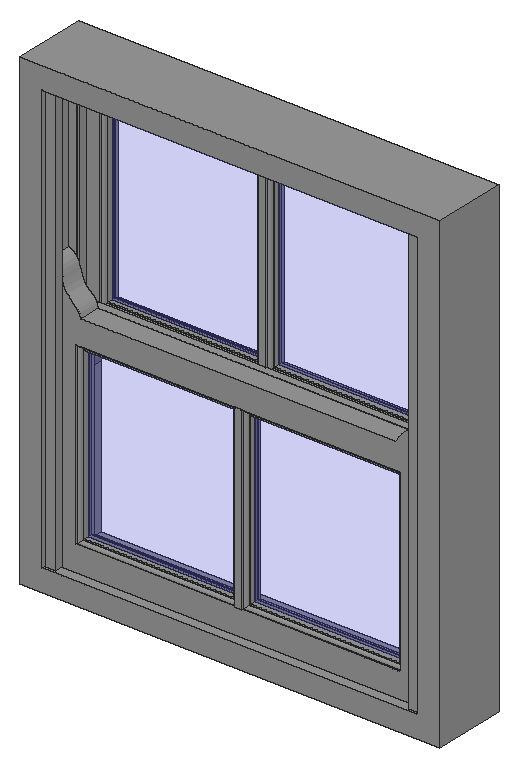
Revit family "HMEL1.5V", category Windows, host Wall, Revit 2015
Parameters (values of type "HMEL1.5V")
  Height = 900 mm
  Default Lintel Height = 2100 mm
  Wall Closure = By host
  Width = 800 mm
Reference planes
  plane 1 "Center (Front/Back)": y = 0
  plane 2 "Center (Left/Right)": x = 0
  plane 3 "Left": x = -400
  plane 4 "Right": x = 400
  plane 5 "Sill": z = 1200
  plane 6 "Head": z = 2100
  plane 7 "Exterior": y = 100
  plane 8 "Interior": y = -100
  plane 9: y = -28.5
  plane 10: y = 23.5
  plane 11: z = 1650
  plane 12: z = 1678.5
  plane 13: z = 1621.5
Forms (mm)
  Sweep 1, solid, material "Lauan, Meranti"
    path origin (-10500, 23.5, 2100) x (0, 0, -1) y (-1, 0, 0)
      loop
        line (0, -10900) -> (900, -10900) -> (900, -10100) -> (0, -10100) -> (0, -10900)
    profile origin (0, 23.5, 2100) x (0, 0, 1) y (0, 1, 0)
      loop
        line (0, 46.5) -> (-42, 46.5) -> (-42, -93.5) -> (0, -93.5) -> (0, 46.5)
  Sweep 2, solid, material "Lauan, Meranti"
    path origin (-10500, 31, 2112.5) x (0, 0, -1) y (-1, 0, 0)
      loop
        line (54.5, -10858) -> (491, -10858) -> (491, -10142) -> (54.5, -10142) -> (54.5, -10858)
    profile origin (0, 31, 2058) x (0, 0, 1) y (0, 1, 0)
      loop
        line (-48, 18.5) -> (-48, -6.5) -> (-57, -6.5) -> (-57, -14.499) -> (-53.996, -14.499)
        arc (-53.996, -14.499) -> (-52.238, -18.744) -> (-47.994, -20.502) r 6.002
        line (-47.994, -20.502) -> (-47.994, -23.5) -> (0, -23.5) -> (0, 18.5) -> (-48, 18.5)
  Extrusion 3, solid, material "Lauan, Meranti"
    sketch origin (-10500, 7.5, 2112.5) x (0, 0, -1) y (-1, 0, 0)
      loop
        line (491, -10801) -> (491, -10858) -> (576, -10858)
        spline (576, -10858) -> (568.022, -10845.331) -> (558.494, -10838.581) -> (548.752, -10835.386) -> (540.116, -10833.399) -> (533.202, -10831.197) -> (527.644, -10828.636) -> (523.005, -10825.669) -> (518.783, -10822.149) -> (514.297, -10817.644) -> (508.83, -10811.691) -> (501.472, -10805.147) -> (491, -10801)
      loop
        spline (491, -10199) -> (501.472, -10194.853) -> (508.83, -10188.309) -> (514.297, -10182.356) -> (518.783, -10177.851) -> (523.005, -10174.331) -> (527.644, -10171.364) -> (533.202, -10168.803) -> (540.116, -10166.601) -> (548.752, -10164.614) -> (558.494, -10161.419) -> (568.022, -10154.669) -> (576, -10142)
        line (576, -10142) -> (491, -10142) -> (491, -10199)
    from 0 to 42
  Extrusion 4, solid, material "Lauan, Meranti"
    sketch origin (0, 26, 260.5) x (1, 0, 0) y (0, 1, 0)
      loop
        line (-6.5, 23.5) -> (-6.5, -1.5) -> (-15.5, -1.5) -> (-15.5, -9.5) -> (-12.5, -9.5)
        arc (-12.5, -9.5) -> (-10.743, -13.743) -> (-6.5, -15.5) r 6
        line (-6.5, -15.5) -> (-6.5, -18.5) -> (6.5, -18.5) -> (6.5, -15.5)
        arc (6.5, -15.5) -> (10.743, -13.743) -> (12.5, -9.5) r 6
        line (12.5, -9.5) -> (15.5, -9.5) -> (15.5, -1.5) -> (6.5, -1.5) -> (6.5, 23.5) -> (-6.5, 23.5)
    from 1409 to 1749.5
  Sweep 5, solid, material "Lauan, Meranti"
    path origin (26.75, 107.5, -130.151) x (1, 0, 0) y (0, 0, 1)
      loop
        line (283.25, 2140.151) -> (-20.25, 2140.151) -> (-20.25, 1799.651) -> (283.25, 1799.651) -> (283.25, 2140.151)
    profile origin (158.25, 107.5, 2010) x (0, 0, -1) y (0, -1, 0)
      loop
        arc (0, 68.6) -> (4.67, 70.234) -> (7, 74.6) r 6.807
        line (7, 74.6) -> (9, 74.6) -> (9, 76.6) -> (0, 76.6) -> (0, 68.6)
  Extrusion 6, solid, material "Glass"
    sketch origin (-10500, 24.5, 2112.5) x (0, 0, -1) y (-1, 0, 0)
      loop
        line (102.5, -10810) -> (443, -10810) -> (443, -10506.5) -> (102.5, -10506.5) -> (102.5, -10810)
      loop
        line (102.5, -10493.5) -> (443, -10493.5) -> (443, -10190) -> (102.5, -10190) -> (102.5, -10493.5)
    from 0 to 6.4
  Sweep 7, solid, material "Lauan, Meranti"
    path origin (-385.157, 107.5, -180.727) x (1, 0, 0) y (0, 0, 1)
      loop
        line (378.657, 2190.727) -> (75.157, 2190.727) -> (75.157, 1850.227) -> (378.657, 1850.227) -> (378.657, 2190.727)
    profile origin (-158.25, 107.5, 2010) x (0, 0, -1) y (0, -1, 0)
      loop
        arc (0, 68.6) -> (4.67, 70.234) -> (7, 74.6) r 6.807
        line (7, 74.6) -> (9, 74.6) -> (9, 76.6) -> (0, 76.6) -> (0, 68.6)
  Sweep 8, solid, material "Lauan, Meranti"
    path origin (-10500, 16, 2112.5) x (0, 0, -1) y (-1, 0, 0)
      loop
        line (434, -10858) -> (870.5, -10858) -> (870.5, -10142) -> (434, -10142) -> (434, -10858)
    profile origin (0, 16, 1678.5) x (0, 0, 1) y (0, 1, 0)
      loop
        line (0, -65.5) -> (0, -23.5) -> (-48, -23.5) -> (-48, -48.5) -> (-57, -48.5) -> (-57, -56.499) -> (-53.996, -56.499)
        arc (-53.996, -56.499) -> (-52.238, -60.744) -> (-47.994, -62.502) r 6.002
        line (-47.994, -62.502) -> (-47.994, -65.5) -> (0, -65.5)
  Extrusion 9, solid, material "Lauan, Meranti"
    sketch origin (-10500, -49.5, 1187.5) x (0, 0, 1) y (1, 0, 0)
      loop
        spline (491, 10801) -> (501.472, 10805.147) -> (508.83, 10811.691) -> (514.297, 10817.644) -> (518.783, 10822.149) -> (523.005, 10825.669) -> (527.644, 10828.636) -> (533.202, 10831.197) -> (540.116, 10833.399) -> (548.752, 10835.386) -> (558.494, 10838.581) -> (568.022, 10845.331) -> (576, 10858)
        line (576, 10858) -> (491, 10858) -> (491, 10801)
      loop
        line (491, 10199) -> (491, 10142) -> (576, 10142)
        spline (576, 10142) -> (568.022, 10154.669) -> (558.494, 10161.419) -> (548.752, 10164.614) -> (540.116, 10166.601) -> (533.202, 10168.803) -> (527.644, 10171.364) -> (523.005, 10174.331) -> (518.783, 10177.851) -> (514.297, 10182.356) -> (508.83, 10188.309) -> (501.472, 10194.853) -> (491, 10199)
    from 0 to 42
  Extrusion 10, solid, material "Lauan, Meranti"
    sketch origin (0, -31, -131.494) x (1, 0, 0) y (0, 1, 0)
      loop
        line (-6.5, 23.5) -> (-6.5, -1.5) -> (-15.5, -1.5) -> (-15.5, -9.5) -> (-12.5, -9.5)
        arc (-12.5, -9.5) -> (-10.743, -13.743) -> (-6.5, -15.5) r 6
        line (-6.5, -15.5) -> (-6.5, -18.5) -> (6.5, -18.5) -> (6.5, -15.5)
        arc (6.5, -15.5) -> (10.743, -13.743) -> (12.5, -9.5) r 6
        line (12.5, -9.5) -> (15.5, -9.5) -> (15.5, -1.5) -> (6.5, -1.5) -> (6.5, 23.5) -> (-6.5, 23.5)
    from 1421.487 to 1762
  Sweep 11, solid, material "Lauan, Meranti"
    path origin (171.068, 92.5, -430.662) x (1, 0, 0) y (0, 0, 1)
      loop
        line (138.932, 2061.168) -> (-164.568, 2061.168) -> (-164.568, 1720.662) -> (138.932, 1720.662) -> (138.932, 2061.168)
    profile origin (158.25, 92.5, 1630.506) x (0, 0, -1) y (0, -1, 0)
      loop
        arc (0, 110.6) -> (4.67, 112.234) -> (7, 116.6) r 6.807
        line (7, 116.6) -> (9, 116.6) -> (9, 118.6) -> (0, 118.6) -> (0, 110.6)
  Extrusion 12, solid, material "Glass"
    sketch origin (-10576.653, -32.5, 1628.533) x (0, 0, -1) y (-1, 0, 0)
      loop
        line (-1.974, -10886.653) -> (338.539, -10886.653) -> (338.539, -10583.153) -> (-1.974, -10583.153) -> (-1.974, -10886.653)
      loop
        line (-1.974, -10570.153) -> (338.539, -10570.153) -> (338.539, -10266.653) -> (-1.974, -10266.653) -> (-1.974, -10570.153)
    from 0 to 6.4
  Sweep 13, solid, material "Lauan, Meranti"
    path origin (-290.338, 92.5, -562.967) x (1, 0, 0) y (0, 0, 1)
      loop
        line (283.838, 2193.474) -> (-19.662, 2193.474) -> (-19.662, 1852.967) -> (283.838, 1852.967) -> (283.838, 2193.474)
    profile origin (-158.25, 92.5, 1630.506) x (0, 0, -1) y (0, -1, 0)
      loop
        arc (0, 110.6) -> (4.67, 112.234) -> (7, 116.6) r 6.807
        line (7, 116.6) -> (9, 116.6) -> (9, 118.6) -> (0, 118.6) -> (0, 110.6)
  Extrusion 14, solid, material "Lauan, Meranti"
    sketch origin (45.571, 187.242, 1242) x (1, 0, 0) y (0, 1, 0)
      loop
        line (290.429, -194.742) -> (293.929, -194.742) -> (293.929, -187.742) -> (296.929, -187.742) -> (296.929, -194.742) -> (312.429, -194.742) -> (312.429, -182.742) -> (309.429, -182.742) -> (309.429, -179.742) -> (290.429, -179.742) -> (290.429, -194.742)
      loop
        line (290.429, -236.742) -> (290.429, -251.742) -> (309.429, -251.742) -> (309.429, -248.742) -> (312.429, -248.742) -> (312.429, -236.742) -> (296.929, -236.742) -> (296.929, -243.742) -> (293.929, -243.742) -> (293.929, -236.742) -> (290.429, -236.742)
      loop
        line (-381.571, -194.742) -> (-381.571, -179.742) -> (-400.571, -179.742) -> (-400.571, -182.742) -> (-403.571, -182.742) -> (-403.571, -194.742) -> (-388.071, -194.742) -> (-388.071, -187.742) -> (-385.071, -187.742) -> (-385.071, -194.742) -> (-381.571, -194.742)
      loop
        line (-381.571, -236.742) -> (-385.071, -236.742) -> (-385.071, -243.742) -> (-388.071, -243.742) -> (-388.071, -236.742) -> (-403.571, -236.742) -> (-403.571, -248.742) -> (-400.571, -248.742) -> (-400.571, -251.742) -> (-381.571, -251.742) -> (-381.571, -236.742)
    from 0 to 816
  Extrusion 15, solid, material "Lauan, Meranti"
    sketch origin (-400, 0, 0) x (0, -1, 0) y (0, 0, 1)
      loop
        line (7.5, 1678.5) -> (-7.5, 1678.5) -> (-7.5, 1659.5) -> (-4.5, 1659.5) -> (-4.5, 1656.5) -> (7.5, 1656.5) -> (7.5, 1672) -> (0.5, 1672) -> (0.5, 1675) -> (7.5, 1675) -> (7.5, 1678.5)
    from -64 to -736
Cuts and joins
  joined: Sweep 2, Extrusion 3
  joined: Sweep 8, Extrusion 9
Lines and regions (mm)
  Opening 1
    outline origin (3500, -100, 0) x (1, 0, 0) y (0, 0, 1)
      loop
        line (-3100, 1200) -> (-3100, 2100) -> (-3900, 2100) -> (-3900, 1200) -> (-3100, 1200)
  model lines
    curve 1: line (358, 49.5, 2058) -> (0, 49.5, 1621.5)
    curve 2: line (-358, 49.5, 2058) -> (0, 49.5, 1621.5)
    curve 3: line (-158.25, -7.5, 1262.422) -> (-158.25, -7.5, 1442.422)
    curve 4: line (-158.25, -7.5, 1581.5) -> (-102.059, -7.5, 1442.422)
    curve 5: line (-102.059, -7.5, 1442.422) -> (-214.441, -7.5, 1442.422)
    curve 6: line (-158.25, -7.5, 1581.5) -> (-214.441, -7.5, 1442.422)
Text (mm)
  text "EXTERIOR" at (-1963.203, 1332.353, 0), in view "Ref. Level"
  text "INTERIOR" at (-1981.466, -818.386, 0), in view "Ref. Level"
  text "Exterior" at (0, 923.751, 2943.296), in view "Right"
  text "Exterior" at (0, 1040.484, 2685.409), in view "Left"
Dimensions and locks
  equal spacing: plane 3 "Left", plane 2 "Center (Left/Right)", plane 4 "Right"
  "Width": plane 3 "Left" to plane 4 "Right"
  "Height": plane 5 "Sill" to plane 6 "Head"
  "Default Lintel Height": plane 6 "Head" to level
  locked: plane 7 "Exterior" to host wall at 0
  locked: plane 8 "Interior" to host wall
  locked: plane 10 to plane 9 at 52
  plane 3 "Left" to plane 4 "Right" = 800 mm
  aligned and locked: Sweep 1 sketch curve to host wall  (x4)
  aligned and locked: Sweep 5 sketch curve to Extrusion 4
  aligned and locked: Sweep 7 sketch curve to Extrusion 4
  aligned and locked: Sweep 11 sketch curve to Extrusion 10
  aligned and locked: Extrusion 12 sketch curve to Extrusion 12 sketch curve  (x2)
  aligned and locked: Sweep 13 sketch curve to Extrusion 10
  aligned and locked: Sweep 8 sketch curve to Sweep 1
  aligned and locked: Sweep 13 sketch curve to Sweep 8
  aligned and locked: Extrusion 12 to Sweep 8
  aligned and locked: Extrusion 10 to Sweep 8
  aligned and locked: Sweep 8 to Sweep 11 sketch curve
  aligned and locked: Sweep 2 sketch curve to Sweep 1
  aligned and locked: Extrusion 4 to Sweep 2
  aligned and locked: Sweep 5 sketch curve to Sweep 2
  aligned and locked: Sweep 2 to Sweep 7 sketch curve
  aligned and locked: Extrusion 6 to Sweep 2  (x2)
  aligned and locked: Extrusion 14 to Sweep 1  (x2)
  aligned and locked: Extrusion 15 to Extrusion 14  (x2)
Automatic sketch dimensions
  plane 3 "Left" to Opening 1 sketch curve = 0 mm
  plane 4 "Right" to Opening 1 sketch curve = 0 mm
  Opening 1 sketch curve to plane 5 "Sill" = 0 mm
  Opening 1 sketch curve to plane 6 "Head" = 0 mm
  profile plane to Sweep 1 sketch curve = 0 mm
  profile plane to Sweep 1 sketch curve = 42 mm
  Sweep 1 sketch curve to plane 10 = 93.5 mm
  plane 10 to Sweep 1 sketch curve = 46.5 mm
  Sweep 2 sketch curve to plane 13 = 0 mm
  plane 4 "Right" to Sweep 2 sketch curve = 42 mm
  Sweep 2 sketch curve to plane 3 "Left" = 42 mm
  profile plane to Sweep 2 sketch curve = 0 mm
  Sweep 2 sketch curve to profile plane = 23.5 mm
  profile plane to Sweep 2 sketch curve = 47.994 mm
  Sweep 2 sketch curve to Sweep 2 sketch curve = 0.006 mm
  Sweep 2 sketch curve to Sweep 2 sketch curve = 6.002 mm
  Sweep 2 sketch curve to Sweep 2 sketch curve = 3.004 mm
  Sweep 2 sketch curve to Sweep 2 sketch curve = 2.998 mm
  Sweep 2 sketch curve to profile plane = 6.5 mm
  profile plane to Sweep 2 sketch curve = 18.5 mm
  Extrusion 3 sketch curve to plane 13 = 0 mm  (x2)
  Extrusion 3 sketch curve to plane 3 "Left" = 42 mm
  Extrusion 3 sketch curve to Extrusion 3 sketch curve = 85 mm
  plane 4 "Right" to Extrusion 3 sketch curve = 42 mm
  plane 13 to Extrusion 3 sketch curve = 85 mm
  Extrusion 3 sketch curve to Extrusion 3 sketch curve = 57 mm  (x2)
  Extrusion 4 sketch curve to plane 10 = 7 mm
  plane 2 "Center (Left/Right)" to Extrusion 4 sketch curve = 15.5 mm
  Extrusion 4 sketch curve to Extrusion 4 sketch curve = 3 mm  (x3)
  plane 10 to Extrusion 4 sketch curve = 1 mm  (x2)
  plane 2 "Center (Left/Right)" to Extrusion 4 sketch curve = 6.5 mm  (x2)
  Extrusion 4 sketch curve to plane 2 "Center (Left/Right)" = 6.5 mm  (x2)
  Extrusion 4 sketch curve to Extrusion 4 sketch curve = 6 mm
  Extrusion 4 sketch curve to host wall = 10.5 mm
  Extrusion 4 sketch curve to Extrusion 4 sketch curve = 25 mm
  Sweep 5 sketch curve to plane 12 = 9 mm
  plane 4 "Right" to Sweep 5 sketch curve = 90 mm
  Sweep 5 sketch curve to profile plane = 0 mm
  Sweep 5 sketch curve to profile plane = 0.241 mm
  Sweep 5 sketch curve to Sweep 5 sketch curve = 6.759 mm
  Sweep 5 sketch curve to Sweep 5 sketch curve = 2 mm  (x2)
  profile plane to Sweep 5 sketch curve = 68.6 mm
  Sweep 5 sketch curve to Sweep 5 sketch curve = 6 mm
  plane 6 "Head" to Extrusion 6 sketch curve = 90 mm  (x2)
  Extrusion 6 sketch curve to plane 12 = 9 mm  (x2)
  plane 4 "Right" to Extrusion 6 sketch curve = 90 mm
  Extrusion 6 sketch curve to plane 2 "Center (Left/Right)" = 6.5 mm
  plane 2 "Center (Left/Right)" to Extrusion 6 sketch curve = 6.5 mm
  Extrusion 6 sketch curve to plane 3 "Left" = 90 mm
  Sweep 7 sketch curve to plane 12 = 9 mm
  Sweep 7 sketch curve to plane 3 "Left" = 90 mm
  Sweep 7 sketch curve to profile plane = 0 mm
  Sweep 7 sketch curve to profile plane = 0.241 mm
  Sweep 7 sketch curve to Sweep 7 sketch curve = 6.759 mm
  Sweep 7 sketch curve to Sweep 7 sketch curve = 2 mm  (x2)
  profile plane to Sweep 7 sketch curve = 68.6 mm
  Sweep 7 sketch curve to Sweep 7 sketch curve = 6 mm
  plane 2 "Center (Left/Right)" to curve 1 = 0 mm
  curve 1 to plane 13 = 0 mm
  curve 2 to plane 3 "Left" = 42 mm
  plane 4 "Right" to curve 1 = 42 mm
  plane 6 "Head" to curve 2 = 42 mm
  plane 6 "Head" to curve 1 = 42 mm
  Sweep 8 sketch curve to plane 12 = 0 mm
  plane 4 "Right" to Sweep 8 sketch curve = 42 mm
  Sweep 8 sketch curve to plane 3 "Left" = 42 mm
  profile plane to Sweep 8 sketch curve = 0 mm
  profile plane to Sweep 8 sketch curve = 47.994 mm
  Sweep 8 sketch curve to Sweep 8 sketch curve = 0.006 mm
  Sweep 8 sketch curve to Sweep 8 sketch curve = 6.002 mm
  Sweep 8 sketch curve to Sweep 8 sketch curve = 3.004 mm
  Sweep 8 sketch curve to profile plane = 65.5 mm
  Sweep 8 sketch curve to Sweep 8 sketch curve = 2.998 mm
  Sweep 8 sketch curve to Sweep 8 sketch curve = 7.999 mm
  Sweep 8 sketch curve to profile plane = 23.5 mm
  Extrusion 9 sketch curve to plane 12 = 0 mm  (x2)
  Extrusion 9 sketch curve to plane 3 "Left" = 42 mm
  Extrusion 9 sketch curve to Extrusion 9 sketch curve = 85 mm  (x2)
  plane 4 "Right" to Extrusion 9 sketch curve = 42 mm
  Extrusion 9 sketch curve to Extrusion 9 sketch curve = 57 mm  (x2)
  plane 2 "Center (Left/Right)" to Extrusion 10 sketch curve = 15.5 mm
  Extrusion 10 sketch curve to Extrusion 10 sketch curve = 3 mm  (x3)
  plane 2 "Center (Left/Right)" to Extrusion 10 sketch curve = 6.5 mm  (x2)
  Extrusion 10 sketch curve to plane 2 "Center (Left/Right)" = 6.5 mm  (x2)
  Extrusion 10 sketch curve to Extrusion 10 sketch curve = 6 mm
  Extrusion 10 sketch curve to plane 9 = 4 mm  (x2)
  Extrusion 10 sketch curve to Extrusion 10 sketch curve = 8 mm
  Extrusion 10 sketch curve to plane 9 = 12 mm
  host wall to Extrusion 10 sketch curve = 7.5 mm
  plane 4 "Right" to Sweep 11 sketch curve = 90 mm
  Sweep 11 sketch curve to plane 13 = 9.006 mm
  Sweep 11 sketch curve to profile plane = 0 mm
  Sweep 11 sketch curve to profile plane = 0.241 mm
  Sweep 11 sketch curve to Sweep 11 sketch curve = 6.759 mm
  Sweep 11 sketch curve to Sweep 11 sketch curve = 2 mm  (x2)
  profile plane to Sweep 11 sketch curve = 110.6 mm
  Sweep 11 sketch curve to Sweep 11 sketch curve = 6 mm
  Extrusion 12 sketch curve to plane 13 = 9.006 mm
  Extrusion 12 sketch curve to plane 5 "Sill" = 89.994 mm
  plane 4 "Right" to Extrusion 12 sketch curve = 90 mm
  Extrusion 12 sketch curve to plane 2 "Center (Left/Right)" = 6.5 mm
  plane 2 "Center (Left/Right)" to Extrusion 12 sketch curve = 6.5 mm
  Extrusion 12 sketch curve to plane 3 "Left" = 90 mm
  Sweep 13 sketch curve to plane 3 "Left" = 90 mm
  Sweep 13 sketch curve to plane 13 = 9.006 mm
  Sweep 13 sketch curve to profile plane = 0 mm
  Sweep 13 sketch curve to profile plane = 0.241 mm
  Sweep 13 sketch curve to Sweep 13 sketch curve = 6.759 mm
  Sweep 13 sketch curve to Sweep 13 sketch curve = 2 mm  (x2)
  profile plane to Sweep 13 sketch curve = 110.6 mm
  Sweep 13 sketch curve to Sweep 13 sketch curve = 6 mm
  Extrusion 14 sketch curve to plane 3 "Left" = 42 mm  (x2)
  host wall to Extrusion 14 sketch curve = 7.5 mm  (x2)
  Extrusion 14 sketch curve to Extrusion 14 sketch curve = 3 mm  (x11)
  Extrusion 14 sketch curve to Extrusion 14 sketch curve = 15.5 mm  (x2)
  host wall to Extrusion 14 sketch curve = 0.5 mm  (x2)
  Extrusion 14 sketch curve to Extrusion 14 sketch curve = 3.5 mm  (x4)
  plane 4 "Right" to Extrusion 14 sketch curve = 64 mm
  Extrusion 14 sketch curve to Extrusion 14 sketch curve = 0 mm  (x5)
  Extrusion 14 sketch curve to Extrusion 14 sketch curve = 12.5 mm  (x2)
  Extrusion 14 sketch curve to host wall = 4.5 mm  (x2)
  Extrusion 14 sketch curve to plane 9 = 21 mm  (x2)
  Extrusion 14 sketch curve to Extrusion 14 sketch curve = 7 mm  (x2)
  Extrusion 14 sketch curve to Extrusion 14 sketch curve = 12 mm  (x2)
  Extrusion 14 sketch curve to host wall = 7.5 mm
  Extrusion 15 sketch curve to plane 12 = 0 mm
  Extrusion 15 sketch curve to host wall = 7.5 mm
  Extrusion 15 sketch curve to Extrusion 15 sketch curve = 3 mm  (x2)
  host wall to Extrusion 15 sketch curve = 0.5 mm
  Extrusion 15 sketch curve to Extrusion 15 sketch curve = 7 mm
  host wall to Extrusion 15 sketch curve = 7.5 mm
  Extrusion 15 sketch curve to plane 12 = 3.5 mm
  plane 11 to Extrusion 15 sketch curve = 9.5 mm
  plane 11 to Extrusion 15 sketch curve = 6.5 mm
  plane 13 to curve 4 = 40 mm
  curve 4 to curve 4 = 139.078 mm
  curve 6 to plane 3 "Left" = 185.559 mm
  curve 5 to curve 4 = 56.191 mm
  plane 2 "Center (Left/Right)" to curve 5 = 102.059 mm
  curve 3 to plane 5 "Sill" = 62.422 mm
  curve 3 to curve 4 = 56.191 mm
